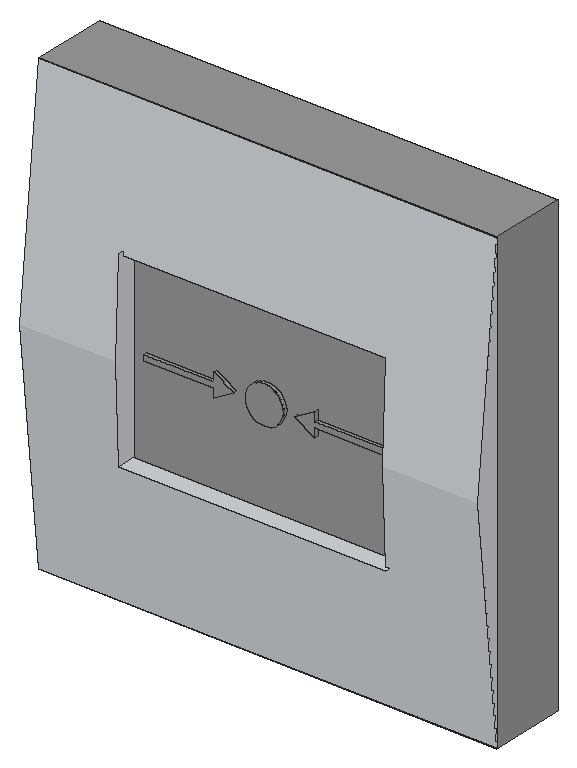
Revit family "ELF-OTR-AEC-E-DoorRelease", category Electrical Fixtures, Revit 2016
Family settings
  Maintain Annotation Orientation = No
  Part Type = Normal
  Round Connector Dimension = Use Diameter
  Work Plane-Based = No
  Always vertical = Yes
  Cut with Voids When Loaded = No
  Shared = No
  Room Calculation Point = No
Parameters (values of type "Standard")
  Width = 120 mm
  Symbol <Detail Items> = DTL-GNL-AEC-EDR : Standard
  Nub Material = Polystyrene
  Material = PPS Plastic
  Length = 26 mm
  Is 180 deg Symbol [instance] = not(Is 0 deg Symbol)  # no
  Is 0 deg Symbol [instance] = yes
  Height = 120 mm
  Default Elevation [instance] = 900 mm
Reference planes
  plane 1 "Center (Front/Back)": y = 0
  plane 2: z = 0
  plane 3 "Center (Left/Right)": x = 0
  plane 4 "Release buttom": z = 900
  plane 5 "Release top": z = 1020
  plane 6 "Release right": x = 60
  plane 7 "Release left": x = -60
  plane 8 "Front 1": y = -20
  plane 9 "Front 2": y = -26
  plane 10 "Void left": x = -45
  plane 11 "Void right": x = 43
  plane 12 "Void down": z = 910
  plane 13 "Void up": z = 1010
  plane 14 "Horizontal void": y = -18.438
  plane 15 "Button right": x = 35
  plane 16 "Button left": x = -35
  plane 17 "Button up": z = 985
  plane 18 "Button bottom": z = 935
  plane 19: y = -20
  plane 20: z = 960
  plane 21: z = 1020
  plane 22: z = 900
  plane 23: z = 960
Forms (mm)
  Extrusion 1, solid, material "PPS Plastic" <- "Material"
    sketch origin (-60, 0, 0) x (0, 0, 1) y (0, -1, 0)
      loop
        line (1020, 0) -> (1020, 20) -> (900, 20) -> (900, 0) -> (1020, 0)
    from 0 to 120
  Extrusion 2, void
    sketch origin (2000, -26, 1200) x (-1, 0, 0) y (0, 0, 1)
      loop
        line (2035, -215) -> (1965, -215) -> (1965, -265) -> (2035, -265) -> (2035, -215)
    from 0 to 6
  Extrusion 3, solid, material "Polystyrene" <- "Nub Material"
    sketch origin (0, -20, 0) x (1, 0, 0) y (0, 0, 1)
      loop
        circle (0, 960) r 5
      loop
        line (-13.26, 963) -> (-13.26, 960.75) -> (-31.612, 960.75) -> (-31.612, 959.25) -> (-13.26, 959.25) -> (-13.26, 957) -> (-8.063, 960) -> (-13.26, 963)
      loop
        line (13.26, 963) -> (8.063, 960) -> (13.26, 957) -> (13.26, 959.25) -> (31.612, 959.25) -> (31.612, 960.75) -> (13.26, 960.75) -> (13.26, 963)
    from 0 to 1
  Extrusion 4, solid
    sketch origin (-60, 0, 0) x (0, 0, 1) y (0, -1, 0)
      loop
        line (900, 20) -> (1020, 20)
        arc (1020, 20) -> (960, 26) -> (900, 20) r 303
    from 0 to 120
Cuts and joins
  Extrusion 2 cuts Extrusion 1
  Extrusion 2 cuts Extrusion 4
Dimensions and locks
  "Default Elevation": plane 4 "Release buttom" to plane 2
  locked: plane 12 "Void down" to plane 4 "Release buttom" at 10
  locked: plane 5 "Release top" to plane 13 "Void up" at 10
  "Width": plane 6 "Release right" to plane 7 "Release left"
  "Height": plane 5 "Release top" to plane 4 "Release buttom"
  "Length": plane 1 "Center (Front/Back)" to plane 9 "Front 2"
  equal spacing: plane 6 "Release right", plane 3 "Center (Left/Right)", plane 7 "Release left"
  locked: plane 9 "Front 2" to plane 19 at 6
  equal spacing: plane 5 "Release top", plane 20, plane 4 "Release buttom"
  equal spacing: plane 21, plane 20, plane 22
  locked: plane 21 to plane 22 at 120
  equal spacing: Extrusion 3 sketch curve, plane 23, Extrusion 3 sketch curve
  plane 17 "Button up" to plane 20 to plane 18 "Button bottom" = 25 mm locked, 25 mm locked
  radius of Extrusion 4 sketch curve = 303 mm
  aligned and locked: level to plane 2
  aligned and locked: plane 6 "Release right" to Extrusion 1
  aligned and locked: Extrusion 1 to plane 4 "Release buttom"
  aligned and locked: plane 17 "Button up" to Extrusion 2 sketch curve
  aligned and locked: Extrusion 2 sketch curve to plane 16 "Button left"
  aligned and locked: Extrusion 2 sketch curve to plane 18 "Button bottom"
  aligned and locked: plane 15 "Button right" to Extrusion 2 sketch curve
  aligned and locked: nested 1 to plane 3 "Center (Left/Right)"
  aligned and locked: nested 2 to plane 3 "Center (Left/Right)"
  aligned and locked: nested 1 to plane 1 "Center (Front/Back)"
  aligned and locked: nested 2 to plane 1 "Center (Front/Back)"
  aligned and locked: Extrusion 1 sketch curve to plane 5 "Release top"
  aligned and locked: Extrusion 1 sketch curve to plane 4 "Release buttom"
  aligned and locked: Extrusion 1 sketch curve to plane 1 "Center (Front/Back)"
  aligned and locked: cut or joined group of Extrusion 1, Extrusion 2 to plane 8 "Front 1"
  aligned and locked: plane 8 "Front 1" to plane 19
  aligned and locked: Extrusion 1 sketch curve to plane 8 "Front 1"
  aligned and locked: plane 6 "Release right" to Extrusion 4
  aligned and locked: plane 22 to Extrusion 4 sketch curve
  aligned and locked: plane 21 to Extrusion 4 sketch curve
  aligned and locked: Extrusion 4 sketch curve to plane 19
  aligned and locked: plane 3 "Center (Left/Right)" to Extrusion 3 sketch curve
  aligned and locked: plane 20 to Extrusion 3 sketch curve
  aligned and locked: plane 20 to plane 23
Automatic sketch dimensions
  Extrusion 3 sketch curve to plane 3 "Center (Left/Right)" = 8.063 mm
  Extrusion 3 sketch curve to Extrusion 3 sketch curve = 5.196 mm  (x2)
  Extrusion 3 sketch curve to Extrusion 3 sketch curve = 0 mm  (x2)
  plane 16 "Button left" to Extrusion 3 sketch curve = 3.388 mm
  plane 3 "Center (Left/Right)" to Extrusion 3 sketch curve = 8.063 mm
  Extrusion 3 sketch curve to plane 15 "Button right" = 3.388 mm
  Extrusion 3 sketch curve to Extrusion 3 sketch curve = 2.25 mm  (x4)
  Extrusion 3 sketch curve to Extrusion 3 sketch curve = 0.75 mm  (x3)
  Extrusion 3 sketch curve to Extrusion 3 sketch curve = 1.5 mm
  Extrusion 3 sketch curve to plane 20 = 0 mm
  radius of Extrusion 3 sketch curve = 5 mm
Nested families
  nested 1: "DTL-GNL-AEC-EDR" at (0, -150, 0), type <- "Symbol <Detail Items>", visible <- "Is 0 deg Symbol", type "Standard"
  nested 2: "DTL-GNL-AEC-EDR" at (0, -150, 0) x (-1, 0, 0) z (0, 0, 1), type <- "Symbol <Detail Items>", visible <- "Is 180 deg Symbol", type "Standard"
Connectors
  electrical at (0, 0, 960)
    settings: on cut or joined group of Extrusion 1, Extrusion 2, index 1, voltage 0 V, apparent load 0 VA, apparent load phase1 0 VA, apparent load phase2 0 VA, apparent load phase3 0 VA, power factor 1, load classification "Other", number of poles 1, system type 31, power factor state 1, is connector primary yes, connector utility no, sub classification motor no, connector description ""
Definition of nested family "DTL-GNL-AEC-EDR"
  Parameters (values of type "Standard")
    Width = 900 mm
    Length = 300 mm
  Reference planes
    plane 1 "Center (Front/Back)": y = 0
    plane 2: z = 0
    plane 3 "Center (Left/Right)": x = 0
    plane 4: x = 450
    plane 5: x = -450
    plane 6: y = -150
    plane 7: y = 150
  Lines and regions (mm)
    Filled region 1, type "Solid Fill - Black", in view "Ref. Level"
      outline origin (41.336, -0.147, 0) x (1, 0, 0) y (0, 1, 0)
        loop
          arc (-127.586, -92.593) -> (63.103, 4.377) -> (-127.586, 101.347) r 120
          line (-127.586, 101.347) -> (-127.586, -92.593)
        loop
          arc (-97.586, -75.9) -> (33.103, 4.377) -> (-97.586, 84.654) r 90
          line (-97.586, 84.654) -> (-97.586, -75.9)
        loop
          arc (219.793, 1.853) -> (262.579, 64.187) -> (205.944, 114.273) r 57.063
          line (205.944, 114.273) -> (123.444, 114.273) -> (123.444, -113.98) -> (147.444, -113.98) -> (147.444, -23.591) -> (147.444, 0.147) -> (193.564, 0.147) -> (273.476, -113.98) -> (300.9, -113.98) -> (219.793, 1.853)
        loop
          arc (205.944, 24.147) -> (239.007, 57.21) -> (205.944, 90.273) r 33.063
          line (205.944, 90.273) -> (147.444, 90.273) -> (147.444, 24.147) -> (205.944, 24.147)
    Filled region 2, type "Solid Fill - Black", in view "Ref. Level"
      outline origin (0, 0, 0) x (1, 0, 0) y (0, 1, 0)
        loop
          line (-296.241, 113.799) -> (-296.241, -109.074) -> (-154.87, -109.074) -> (-154.87, -85.074) -> (-274.161, -85.074) -> (-274.161, -11.826) -> (-154.87, -11.826) -> (-154.87, 12.174) -> (-274.161, 12.174) -> (-274.161, 89.799) -> (-154.87, 89.799) -> (-154.87, 113.799) -> (-296.241, 113.799)
    Filled region 3, type "Solid Fill - Black", in view "Ref. Level", not visible
      outline origin (41.336, -0.147, 0) x (1, 0, 0) y (0, 1, 0)
        loop
          arc (-127.586, -92.593) -> (63.103, 4.377) -> (-127.586, 101.347) r 120
          line (-127.586, 101.347) -> (-127.586, -92.593)
        loop
          arc (-97.586, -75.9) -> (33.103, 4.377) -> (-97.586, 84.654) r 90
          line (-97.586, 84.654) -> (-97.586, -75.9)
        loop
          arc (219.793, 1.853) -> (262.579, 64.187) -> (205.944, 114.273) r 57.063
          line (205.944, 114.273) -> (123.444, 114.273) -> (123.444, -113.98) -> (147.444, -113.98) -> (147.444, -23.591) -> (147.444, 0.147) -> (193.564, 0.147) -> (273.476, -113.98) -> (300.9, -113.98) -> (219.793, 1.853)
        loop
          arc (205.944, 24.147) -> (239.007, 57.21) -> (205.944, 90.273) r 33.063
          line (205.944, 90.273) -> (147.444, 90.273) -> (147.444, 24.147) -> (205.944, 24.147)
    Filled region 4, type "Solid Fill - Black", in view "Ref. Level", not visible
      outline origin (0, 0, 0) x (1, 0, 0) y (0, 1, 0)
        loop
          line (-296.241, 113.799) -> (-296.241, -109.074) -> (-154.87, -109.074) -> (-154.87, -85.074) -> (-274.161, -85.074) -> (-274.161, -11.826) -> (-154.87, -11.826) -> (-154.87, 12.174) -> (-274.161, 12.174) -> (-274.161, 89.799) -> (-154.87, 89.799) -> (-154.87, 113.799) -> (-296.241, 113.799)
    detail lines, in view "Ref. Level"
      curve 1: line (-450, 150, 0) -> (450, 150, 0)
      curve 2: line (-450, -150, 0) -> (-450, 150, 0)
      curve 3: line (450, -150, 0) -> (-450, -150, 0)
      curve 4: line (450, 150, 0) -> (450, -150, 0)
  Dimensions and locks
    equal spacing: plane 5, plane 3 "Center (Left/Right)", plane 4
    equal spacing: plane 6, plane 1 "Center (Front/Back)", plane 7
    "Length": plane 6 to plane 7
    "Width": plane 5 to plane 4
    aligned and locked: plane 7 to curve 1
    aligned and locked: plane 5 to curve 2
    aligned and locked: curve 3 to plane 6
    aligned and locked: curve 4 to plane 4
  Automatic sketch dimensions
    Filled region 1 sketch curve to Filled region 1 sketch curve = 0 mm  (x6)
    Filled region 1 sketch curve to Filled region 1 sketch curve = 30 mm
    Filled region 1 sketch curve to Filled region 1 sketch curve = 40.688 mm
    Filled region 1 sketch curve to Filled region 1 sketch curve = 180.341 mm
    Filled region 1 sketch curve to Filled region 1 sketch curve = 24 mm  (x2)
    Filled region 1 sketch curve to Filled region 1 sketch curve = 46.12 mm
    Filled region 1 sketch curve to Filled region 1 sketch curve = 58.5 mm
    Filled region 1 sketch curve to Filled region 1 sketch curve = 13.849 mm
    Filled region 1 sketch curve to Filled region 1 sketch curve = 126.033 mm
    Filled region 1 sketch curve to Filled region 1 sketch curve = 27.423 mm
    Filled region 1 sketch curve to Filled region 1 sketch curve = 21.387 mm
    Filled region 1 sketch curve to Filled region 1 sketch curve = 16.693 mm
    Filled region 1 sketch curve to Filled region 1 sketch curve = 90.389 mm
    Filled region 1 sketch curve to Filled region 1 sketch curve = 23.738 mm
    Filled region 1 sketch curve to Filled region 1 sketch curve = 1.706 mm
    Filled region 1 sketch curve to Filled region 1 sketch curve = 80.277 mm
    Filled region 1 sketch curve to Filled region 1 sketch curve = 33.063 mm
    Filled region 2 sketch curve to Filled region 2 sketch curve = 22.08 mm  (x2)
    Filled region 2 sketch curve to Filled region 2 sketch curve = 119.291 mm
    Filled region 2 sketch curve to Filled region 2 sketch curve = 0 mm  (x2)
    Filled region 2 sketch curve to Filled region 2 sketch curve = 24 mm  (x3)
    Filled region 2 sketch curve to Filled region 2 sketch curve = 73.248 mm
    Filled region 2 sketch curve to Filled region 2 sketch curve = 77.625 mm
    Filled region 3 sketch curve to Filled region 3 sketch curve = 0 mm  (x6)
    Filled region 3 sketch curve to Filled region 3 sketch curve = 30 mm
    Filled region 3 sketch curve to Filled region 3 sketch curve = 40.688 mm
    Filled region 3 sketch curve to Filled region 3 sketch curve = 180.341 mm
    Filled region 3 sketch curve to Filled region 3 sketch curve = 24 mm  (x2)
    Filled region 3 sketch curve to Filled region 3 sketch curve = 46.12 mm
    Filled region 3 sketch curve to Filled region 3 sketch curve = 58.5 mm
    Filled region 3 sketch curve to Filled region 3 sketch curve = 13.849 mm
    Filled region 3 sketch curve to Filled region 3 sketch curve = 126.033 mm
    Filled region 3 sketch curve to Filled region 3 sketch curve = 27.423 mm
    Filled region 3 sketch curve to Filled region 3 sketch curve = 21.387 mm
    Filled region 3 sketch curve to Filled region 3 sketch curve = 16.693 mm
    Filled region 3 sketch curve to Filled region 3 sketch curve = 90.389 mm
    Filled region 3 sketch curve to Filled region 3 sketch curve = 23.738 mm
    Filled region 3 sketch curve to Filled region 3 sketch curve = 1.706 mm
    Filled region 3 sketch curve to Filled region 3 sketch curve = 80.277 mm
    Filled region 3 sketch curve to Filled region 3 sketch curve = 33.063 mm
    Filled region 4 sketch curve to Filled region 4 sketch curve = 22.08 mm  (x2)
    Filled region 4 sketch curve to Filled region 4 sketch curve = 119.291 mm
    Filled region 4 sketch curve to Filled region 4 sketch curve = 0 mm  (x2)
    Filled region 4 sketch curve to Filled region 4 sketch curve = 24 mm  (x3)
    Filled region 4 sketch curve to Filled region 4 sketch curve = 73.248 mm
    Filled region 4 sketch curve to Filled region 4 sketch curve = 77.625 mm
